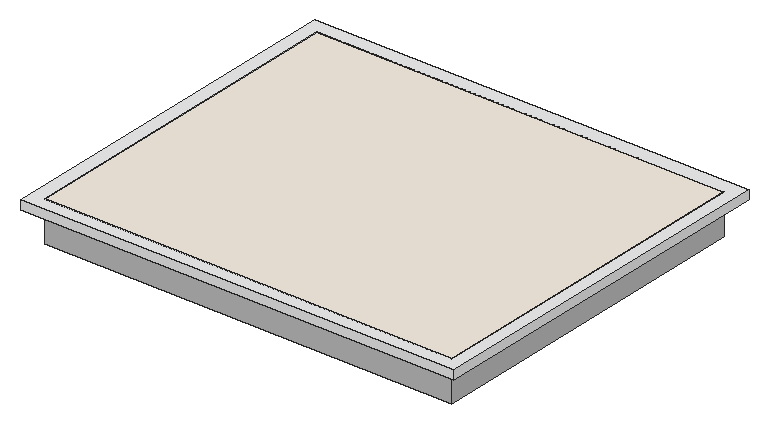
Revit family "Lighting-Industriale-GEWISS-ELIA-HL-LED_RIFLETTORE", category Apparecchi per illuminazione, host Superficie, Revit 2019 (continued)
Types (12, lengths in mm): name | Tensione | Scheda Tecnica | Potenza di sistema | Peso (kg): | Peso (kg) | Ottica | built-in parameter 1150142 | Lumen output (lm) | Modello | IDT | File diagramma fotometrico | Description
  GWF1001QL840 - ELIA HL L2 90° 4000K S.ALONE DALI | "220-240 V " | "https://www.gewiss.com/it/it/search?q=GWF1001QL840" | "200W" | "4,3" | "4,3" | "90°" | "IESNA:LM-63-1995\r\n[TEST] HB25-120-4080-90D-H00108\r\n[DATE] 27 Nov 2019\r\n[MANUFAC] GEWISS\r\n[LUMCAT] GWF1001QL840\r\n[LUMINAIRE] ELIA HL - L2 90° LED840 200W - DALI\r\n[FLASHAREA] 0.013851\r\n[LAMPCAT] LED 200W/26900lm\r\n[LAMP] LED 200W/26900lm\r\nTILT=NONE\r\n1 26900.00 1.0 181 37 1 2 -0.270 0.000 0.000\r\n1.00 1.00 200.00\r\n0.00 0.50 1.00 1.50 2.00 2.50 3.00 3.50 4.00 4.50 5.00 \r\n5.50 6.00 6.50 7.00 7.50 8.00 8.50 9.00 9.50 10.00 10.50 \r\n11.00 11.50 12.00 12.50 13.00 13.50 14.00 14.50 15.00 \r\n15.50 16.00 16.50 17.00 17.50 18.00 18.50 19.00 19.50 \r\n20.00 20.50 21.00 21.50 22.00 22.50 23.00 23.50 24.00 \r\n24.50 25.00 25.50 26.00 26.50 27.00 27.50 28.00 28.50 \r\n29.00 29.50 30.00 30.50 31.00 31.50 32.00 32.50 33.00 \r\n33.50 34.00 34.50 35.00 35.50 36.00 36.50 37.00 37.50 \r\n38.00 38.50 39.00 39.50 40.00 40.50 41.00 41.50 42.00 \r\n42.50 43.00 43.50 44.00 44.50 45.00 45.50 46.00 46.50 \r\n47.00 47.50 48.00 48.50 49.00 49.50 50.00 50.50 51.00 \r\n51.50 52.00 52.50 53.00 53.50 54.00 54.50 55.00 55.50 \r\n56.00 56.50 57.00 57.50 58.00 58.50 59.00 59.50 60.00 \r\n60.50 61.00 61.50 62.00 62.50 63.00 63.50 64.00 64.50 \r\n65.00 65.50 66.00 66.50 67.00 67.50 68.00 68.50 69.00 \r\n69.50 70.00 70.50 71.00 71.50 72.00 72.50 73.00 73.50 \r\n74.00 74.50 75.00 75.50 76.00 76.50 77.00 77.50 78.00 \r\n78.50 79.00 79.50 80.00 80.50 81.00 81.50 82.00 82.50 \r\n83.00 83.50 84.00 84.50 85.00 85.50 86.00 86.50 87.00 \r\n87.50 88.00 88.50 89.00 89.50 90.00 \r\n0.00 2.50 5.00 7.50 10.00 12.50 15.00 17.50 20.00 22.50 \r\n25.00 27.50 30.00 32.50 35.00 37.50 40.00 42.50 45.00 \r\n47.50 50.00 52.50 55.00 57.50 60.00 62.50 65.00 67.50 \r\n70.00 72.50 75.00 77.50 80.00 82.50 85.00 87.50 90.00 \r\n13471.52 13471.52 13474.21 13479.59 13482.28 13487.66 \r\n13495.73 13501.11 13509.18 13519.94 13533.39 13544.15 \r\n13557.60 13571.05 13584.50 13597.95 13611.40 13627.54 \r\n13643.68 13659.82 13675.96 13689.41 13705.55 13719.00 \r\n13735.14 13745.90 13759.35 13770.11 13780.87 13786.25 \r\n13794.32 13797.01 13797.01 13797.01 13794.32 13788.94 \r\n13778.18 13764.73 13748.59 13732.45 13710.93 13686.72 \r\n13657.13 13624.85 13587.19 13546.84 13503.80 13458.07 \r\n13406.96 13350.47 13291.29 13226.73 13156.79 13081.47 \r\n13000.77 12912.00 12815.16 12710.25 12594.58 12465.46 \r\n12330.96 12183.01 12029.68 11862.90 11693.43 11521.27 \r\n11341.04 11147.36 10934.85 10706.20 10456.03 10178.96 \r\n9891.13 9622.13 9353.13 9081.44 8812.44 8562.27 8317.48 \r\n8078.07 7838.66 7593.87 7351.77 7128.50 6915.99 6708.86 \r\n6507.11 6318.81 6133.20 5942.21 5751.22 5570.99 5396.14 \r\n5229.36 5065.27 4906.56 4753.23 4599.90 4449.26 4306.69 \r\n4169.50 4029.62 3895.12 3766.00 3642.26 3521.21 3402.85 \r\n3287.18 3168.82 3047.77 2926.72 2805.67 2688.65 2573.25 \r\n2462.16 2358.86 2259.33 2160.07 2065.92 1982.80 1906.13 \r\n1832.43 1762.76 1698.73 1636.60 1573.38 1510.17 1447.49 \r\n1385.08 1322.40 1260.26 1199.74 1141.37 1086.49 1035.11 \r\n987.50 942.04 896.31 852.46 812.92 776.87 745.13 713.93 \r\n677.34 640.49 606.33 573.51 541.23 509.49 478.28 448.42 \r\n420.72 395.16 372.56 352.39 335.17 318.23 297.25 275.99 \r\n256.41 237.15 217.46 198.25 180.55 163.61 146.87 130.68 \r\n115.19 100.42 86.51 73.49 61.60 50.60 40.32 30.93 22.37 \r\n15.16 9.93 6.46 4.74 4.78 \r\n13471.52 13471.52 13474.21 13478.24 13482.28 13487.66 \r\n13495.73 13501.11 13509.18 13519.94 13533.39 13544.15 \r\n13557.60 13571.05 13584.50 13597.95 13612.74 13628.88 \r\n13645.02 13659.82 13675.96 13690.75 13706.89 13720.34 \r\n13735.14 13747.24 13760.69 13771.45 13780.87 13788.94 \r\n13794.32 13797.01 13799.70 13798.35 13795.66 13788.94 \r\n13780.87 13768.76 13752.62 13733.79 13712.27 13688.06 \r\n13658.47 13626.19 13589.88 13549.53 13506.49 13460.76 \r\n13409.65 13354.50 13295.32 13229.42 13159.48 13084.16 \r\n13002.11 12913.34 12817.85 12711.59 12597.27 12470.84 \r\n12334.99 12189.73 12035.06 11870.97 11700.15 11527.99 \r\n11345.07 11150.05 10938.88 10708.89 10461.41 10185.68 \r\n9901.89 9631.54 9363.89 9090.85 8821.85 8566.30 8318.82 \r\n8078.07 7840.00 7595.21 7357.15 7135.22 6924.06 6716.93 \r\n6516.52 6324.19 6133.20 5942.21 5752.56 5573.68 5400.17 \r\n5230.70 5067.96 4909.25 4755.92 4601.24 4453.30 4309.38 \r\n4169.50 4030.96 3897.81 3768.69 3643.60 3523.90 3405.54 \r\n3287.18 3171.51 3050.46 2928.06 2811.05 2692.69 2578.23 \r\n2467.40 2363.70 2264.44 2165.85 2072.64 1989.52 1912.59 \r\n1838.88 1769.48 1705.06 1642.65 1579.57 1516.62 1453.81 \r\n1391.13 1328.99 1267.66 1206.73 1148.09 1093.22 1041.70 \r\n993.55 947.42 901.02 856.76 816.55 779.70 747.28 715.27 \r\n678.82 641.97 607.81 574.85 542.57 510.97 479.76 449.77 \r\n421.93 396.37 374.04 353.87 336.38 318.90 297.92 276.53 \r\n256.41 236.80 217.00 197.84 180.12 163.22 146.62 130.59 \r\n115.27 100.63 86.71 73.68 61.72 50.68 40.40 31.02 22.43 \r\n15.20 9.96 6.48 4.76 4.79 \r\n13471.52 13471.52 13474.21 13478.24 13482.28 13487.66 \r\n13494.38 13501.11 13510.52 13519.94 13533.39 13544.15 \r\n13557.60 13569.70 13583.15 13599.29 13612.74 13628.88 \r\n13645.02 13661.16 13675.96 13692.10 13706.89 13721.69 \r\n13736.48 13748.59 13762.04 13772.80 13782.21 13790.28 \r\n13795.66 13798.35 13801.04 13799.70 13797.01 13791.63 \r\n13782.21 13771.45 13755.31 13736.48 13716.31 13690.75 \r\n13661.16 13628.88 13592.57 13552.22 13509.18 13463.45 \r\n13413.68 13357.19 13296.67 13232.11 13163.51 13086.85 \r\n13006.15 12918.72 12820.54 12715.63 12601.30 12476.22 \r\n12340.37 12196.46 12041.78 11877.69 11706.88 11533.37 \r\n11350.45 11152.74 10941.57 10714.27 10469.48 10195.10 \r\n9912.65 9643.65 9377.34 9101.61 8831.27 8571.68 8320.17 \r\n8076.72 7838.66 7595.21 7358.49 7140.60 6929.44 6722.31 \r\n6521.90 6326.88 6134.55 5942.21 5753.91 5576.37 5402.86 \r\n5233.40 5067.96 4910.60 4757.26 4602.59 4453.30 4309.38 \r\n4169.50 4033.65 3900.50 3770.03 3644.95 3523.90 3406.88 \r\n3289.87 3171.51 3051.80 2932.10 2813.74 2698.07 2583.07 \r\n2472.51 2368.81 2269.55 2171.64 2079.10 1996.11 1918.91 \r\n1845.47 1776.07 1711.24 1648.57 1585.89 1523.08 1459.86 \r\n1397.05 1335.32 1274.39 1213.59 1154.68 1099.81 1047.89 \r\n999.47 952.80 905.86 860.93 820.18 782.52 749.16 716.62 \r\n680.17 643.72 609.28 576.20 543.92 512.44 480.97 450.98 \r\n423.14 397.58 375.12 355.08 337.19 319.30 298.32 276.67 \r\n256.22 236.24 216.38 197.27 179.60 162.73 146.27 130.40 \r\n115.23 100.73 86.81 73.73 61.75 50.68 40.42 31.06 22.46 \r\n15.23 9.98 6.49 4.76 4.78 \r\n13471.52 13471.52 13474.21 13478.24 13483.62 13489.00 \r\n13494.38 13502.45 13510.52 13521.28 13532.04 13544.15 \r\n13557.60 13571.05 13584.50 13599.29 13612.74 13628.88 \r\n13645.02 13661.16 13677.30 13692.10 13708.24 13721.69 \r\n13737.83 13751.28 13763.38 13774.14 13782.21 13790.28 \r\n13797.01 13799.70 13802.39 13801.04 13799.70 13794.32 \r\n13784.90 13771.45 13758.00 13740.52 13719.00 13693.44 \r\n13665.20 13632.92 13596.60 13556.25 13514.56 13467.48 \r\n13416.37 13361.23 13302.05 13236.14 13167.55 13090.88 \r\n13008.84 12921.41 12825.92 12719.66 12605.34 12481.60 \r\n12347.10 12204.53 12049.85 11887.11 11714.95 11540.10 \r\n11355.83 11158.12 10946.95 10720.99 10476.20 10204.51 \r\n9926.10 9657.10 9389.44 9112.37 8839.34 8577.06 8322.86 \r\n8078.07 7837.31 7596.56 7361.18 7143.29 6933.47 6727.69 \r\n6525.94 6328.22 6133.20 5940.86 5755.25 5579.06 5406.90 \r\n5236.09 5070.65 4911.94 4758.61 4605.28 4453.30 4310.72 \r\n4170.85 4033.65 3901.85 3772.72 3647.64 3526.59 3405.54 \r\n3288.52 3171.51 3051.80 2933.44 2815.09 2700.76 2587.51 \r\n2477.62 2374.06 2274.39 2177.15 2085.15 2002.17 1924.96 \r\n1851.66 1782.39 1717.16 1654.22 1591.54 1529.00 1465.51 \r\n1402.57 1341.37 1280.71 1220.05 1161.00 1106.13 1054.21 \r\n1005.12 957.77 910.43 864.83 823.27 784.94 750.78 717.56 \r\n681.38 645.20 610.76 577.27 544.99 513.52 482.32 452.19 \r\n424.21 398.66 376.20 356.02 337.73 319.44 298.32 276.67 \r\n255.85 235.54 215.66 196.60 178.95 162.17 145.84 130.14 \r\n115.12 100.71 86.82 73.73 61.72 50.64 40.38 31.03 22.46 \r\n15.23 9.98 6.49 4.75 4.76 \r\n13471.52 13472.86 13474.21 13478.24 13483.62 13489.00 \r\n13494.38 13502.45 13510.52 13521.28 13532.04 13544.15 \r\n13557.60 13571.05 13584.50 13599.29 13612.74 13628.88 \r\n13645.02 13661.16 13677.30 13692.10 13708.24 13724.38 \r\n13737.83 13752.62 13763.38 13774.14 13784.90 13791.63 \r\n13797.01 13802.39 13803.73 13802.39 13801.04 13795.66 \r\n13786.25 13775.49 13760.69 13743.21 13721.69 13696.13 \r\n13667.89 13634.26 13599.29 13560.29 13518.59 13471.52 \r\n13420.41 13365.26 13306.08 13241.52 13171.58 13096.26 \r\n13015.56 12926.79 12831.30 12725.04 12612.06 12488.32 \r\n12355.17 12212.60 12059.27 11895.18 11724.36 11548.17 \r\n11362.56 11164.84 10952.33 10726.37 10485.62 10216.62 \r\n9939.55 9670.55 9401.55 9124.48 8850.10 8583.79 8325.55 \r\n8078.07 7837.31 7596.56 7362.53 7145.98 6934.82 6730.38 \r\n6528.63 6328.22 6131.85 5942.21 5756.60 5581.75 5409.59 \r\n5238.77 5071.99 4913.28 4758.61 4605.28 4454.64 4309.38 \r\n4169.50 4033.65 3901.85 3774.07 3648.99 3526.59 3406.88 \r\n3289.87 3171.51 3051.80 2933.44 2817.77 2704.79 2591.68 \r\n2482.60 2378.77 2278.97 2181.99 2090.67 2007.68 1930.48 \r\n1857.18 1788.04 1722.41 1659.06 1596.51 1534.11 1470.62 \r\n1407.54 1346.34 1286.22 1225.56 1166.79 1111.78 1059.59 \r\n1010.23 962.35 914.47 868.60 826.23 786.96 751.85 718.10 \r\n682.45 646.81 611.98 578.22 545.94 514.60 483.26 453.00 \r\n425.02 399.46 377.14 356.83 338.13 319.30 298.05 276.40 \r\n255.32 234.74 214.82 195.83 178.25 161.57 145.38 129.83 \r\n114.93 100.65 86.77 73.65 61.64 50.56 40.31 30.98 22.43 \r\n15.23 9.98 6.48 4.74 4.74 \r\n13471.52 13472.86 13474.21 13478.24 13482.28 13487.66 \r\n13494.38 13502.45 13510.52 13521.28 13532.04 13544.15 \r\n13557.60 13571.05 13585.84 13599.29 13614.09 13628.88 \r\n13645.02 13661.16 13677.30 13693.44 13708.24 13724.38 \r\n13739.17 13752.62 13766.07 13776.83 13784.90 13794.32 \r\n13799.70 13803.73 13805.08 13805.08 13802.39 13797.01 \r\n13790.28 13778.18 13763.38 13745.90 13724.38 13698.82 \r\n13670.58 13639.64 13603.33 13564.32 13521.28 13475.55 \r\n13424.44 13370.64 13311.46 13246.90 13176.96 13101.64 \r\n13020.94 12932.17 12835.33 12731.77 12617.44 12495.05 \r\n12361.89 12220.67 12068.68 11905.94 11735.12 11557.58 \r\n11370.63 11172.91 10961.75 10737.13 10496.38 10228.72 \r\n9953.00 9684.00 9413.65 9136.58 8860.86 8591.86 8329.58 \r\n8079.41 7835.97 7596.56 7365.22 7147.33 6936.16 6730.38 \r\n6528.63 6326.88 6130.51 5940.86 5757.94 5583.10 5413.63 \r\n5241.46 5073.34 4914.63 4758.61 4606.63 4454.64 4309.38 \r\n4169.50 4033.65 3903.19 3775.41 3650.33 3527.93 3406.88 \r\n3288.52 3172.86 3051.80 2933.44 2819.12 2706.14 2595.45 \r\n2487.17 2382.94 2282.87 2186.30 2095.24 2012.25 1934.92 \r\n1861.75 1792.75 1726.85 1663.23 1600.55 1538.28 1474.66 \r\n1411.58 1350.65 1290.66 1230.27 1171.63 1116.62 1064.30 \r\n1014.40 966.11 917.83 871.56 828.52 788.57 752.53 718.36 \r\n682.99 647.75 612.78 578.75 546.47 515.27 483.80 453.80 \r\n425.69 400.14 377.81 357.23 338.00 318.90 297.65 275.99 \r\n254.66 233.86 213.95 195.05 177.55 160.94 144.90 129.50 \r\n114.73 100.51 86.67 73.56 61.53 50.46 40.22 30.91 22.38 \r\n15.21 9.97 6.47 4.72 4.71 \r\n13471.52 13472.86 13474.21 13478.24 13482.28 13487.66 \r\n13494.38 13502.45 13511.87 13521.28 13532.04 13545.49 \r\n13557.60 13571.05 13585.84 13599.29 13614.09 13630.23 \r\n13646.37 13661.16 13677.30 13693.44 13709.58 13725.72 \r\n13740.52 13753.97 13766.07 13776.83 13787.59 13795.66 \r\n13801.04 13805.08 13806.42 13806.42 13805.08 13799.70 \r\n13791.63 13780.87 13766.07 13748.59 13727.07 13702.86 \r\n13674.61 13642.33 13607.36 13568.36 13525.32 13479.59 \r\n13429.82 13376.02 13315.50 13252.28 13182.34 13107.02 \r\n13026.32 12937.55 12842.06 12738.49 12625.51 12501.77 \r\n12369.96 12228.74 12078.10 11918.04 11748.57 11569.69 \r\n11381.39 11183.67 10971.16 10747.89 10507.14 10243.52 \r\n9970.48 9698.79 9428.45 9150.03 8871.62 8601.27 8337.65 \r\n8082.10 7835.97 7597.90 7367.91 7150.02 6937.51 6731.72 \r\n6528.63 6326.88 6127.82 5940.86 5759.29 5585.78 5416.31 \r\n5244.15 5073.34 4914.63 4759.95 4605.28 4454.64 4308.03 \r\n4168.15 4035.00 3904.53 3776.76 3651.67 3527.93 3406.88 \r\n3288.52 3171.51 3053.15 2934.79 2820.46 2707.49 2598.41 \r\n2491.07 2386.70 2286.10 2189.66 2098.74 2015.62 1938.14 \r\n1865.38 1796.25 1730.07 1666.05 1603.37 1541.10 1477.48 \r\n1414.27 1353.61 1293.89 1233.77 1175.26 1120.25 1067.80 \r\n1017.49 968.80 920.25 873.58 829.87 789.25 752.53 717.96 \r\n682.99 648.42 613.19 578.62 546.61 515.40 484.20 454.07 \r\n426.23 400.41 377.94 357.23 337.73 318.09 296.98 275.32 \r\n253.88 232.95 213.09 194.27 176.84 160.34 144.41 129.15 \r\n114.47 100.36 86.55 73.44 61.44 50.36 40.13 30.83 22.33 \r\n15.19 9.96 6.46 4.70 4.69 \r\n13471.52 13472.86 13474.21 13478.24 13482.28 13487.66 \r\n13494.38 13502.45 13511.87 13522.63 13533.39 13544.15 \r\n13557.60 13569.70 13584.50 13599.29 13614.09 13628.88 \r\n13645.02 13661.16 13677.30 13693.44 13708.24 13724.38 \r\n13740.52 13753.97 13766.07 13776.83 13787.59 13795.66 \r\n13801.04 13805.08 13807.77 13807.77 13805.08 13801.04 \r\n13792.97 13782.21 13768.76 13751.28 13731.10 13705.55 \r\n13677.30 13646.37 13611.40 13572.39 13530.70 13483.62 \r\n13433.86 13380.06 13322.22 13257.66 13187.72 13113.75 \r\n13031.70 12944.28 12848.78 12745.22 12633.58 12511.19 \r\n12380.72 12240.84 12090.20 11930.15 11760.68 11583.14 \r\n11396.18 11197.12 10987.30 10764.03 10524.62 10259.66 \r\n9985.28 9714.93 9440.55 9162.14 8885.07 8616.07 8349.76 \r\n8092.86 7842.69 7603.28 7371.94 7151.36 6937.51 6730.38 \r\n6525.94 6324.19 6125.13 5939.52 5760.64 5587.13 5416.31 \r\n5244.15 5076.03 4915.97 4761.30 4607.97 4457.33 4312.07 \r\n4170.85 4037.69 3907.22 3779.45 3654.36 3530.63 3409.57 \r\n3291.21 3174.20 3054.49 2934.79 2821.81 2710.17 2600.56 \r\n2493.23 2388.32 2287.04 2190.33 2099.14 2015.48 1937.47 \r\n1864.44 1795.17 1728.59 1664.44 1601.76 1539.62 1476.00 \r\n1412.92 1351.99 1292.28 1232.29 1174.05 1118.91 1065.91 \r\n1015.74 967.19 918.90 872.23 828.39 787.36 750.51 715.67 \r\n681.11 646.81 611.57 576.87 544.86 514.06 483.12 453.40 \r\n425.56 399.73 377.14 356.16 336.52 316.75 295.63 274.11 \r\n252.94 232.28 212.54 193.79 176.37 159.89 144.09 128.96 \r\n114.39 100.32 86.59 73.53 61.56 50.46 40.19 30.83 22.33 \r\n15.19 9.95 6.45 4.70 4.68 \r\n13471.52 13471.52 13474.21 13478.24 13482.28 13487.66 \r\n13494.38 13502.45 13511.87 13521.28 13532.04 13544.15 \r\n13556.25 13571.05 13583.15 13597.95 13614.09 13628.88 \r\n13645.02 13659.82 13675.96 13692.10 13708.24 13724.38 \r\n13737.83 13752.62 13764.73 13775.49 13786.25 13795.66 \r\n13801.04 13805.08 13807.77 13807.77 13805.08 13801.04 \r\n13794.32 13783.56 13771.45 13753.97 13732.45 13709.58 \r\n13681.34 13649.06 13614.09 13576.43 13534.73 13489.00 \r\n13439.24 13386.78 13326.26 13263.04 13194.45 13119.13 \r\n13038.43 12951.00 12855.51 12753.29 12641.65 12520.60 \r\n12391.48 12251.60 12102.31 11943.60 11775.47 11599.28 \r\n11412.32 11214.61 11004.79 10781.52 10542.11 10277.14 \r\n10002.76 9729.73 9455.35 9176.93 8899.86 8630.86 8365.90 \r\n8104.97 7852.11 7608.66 7375.98 7152.71 6938.85 6729.03 \r\n6524.59 6320.15 6123.78 5936.83 5759.29 5585.78 5417.66 \r\n5245.50 5077.38 4915.97 4761.30 4607.97 4460.02 4314.76 \r\n4174.88 4039.03 3908.57 3782.14 3658.40 3534.66 3412.26 \r\n3292.56 3176.89 3055.84 2936.14 2823.15 2711.52 2601.90 \r\n2494.57 2389.12 2287.04 2189.93 2098.47 2014.14 1935.45 \r\n1862.15 1792.62 1726.04 1661.61 1598.94 1536.80 1473.31 \r\n1410.23 1349.17 1289.32 1229.73 1171.63 1116.08 1062.95 \r\n1012.78 964.37 916.62 870.22 825.96 784.54 747.69 712.98 \r\n678.82 644.79 609.42 574.72 543.11 512.44 481.78 452.19 \r\n424.62 398.93 375.93 354.81 334.90 315.13 294.02 272.77 \r\n251.95 231.64 212.04 193.36 175.95 159.49 143.81 128.78 \r\n114.28 100.28 86.60 73.64 61.68 50.59 40.24 30.83 22.32 \r\n15.18 9.95 6.45 4.69 4.67 \r\n13471.52 13471.52 13474.21 13478.24 13482.28 13487.66 \r\n13494.38 13502.45 13510.52 13521.28 13530.70 13544.15 \r\n13556.25 13569.70 13583.15 13596.60 13612.74 13628.88 \r\n13645.02 13659.82 13675.96 13692.10 13708.24 13723.03 \r\n13737.83 13751.28 13764.73 13775.49 13786.25 13794.32 \r\n13801.04 13805.08 13807.77 13807.77 13807.77 13803.73 \r\n13795.66 13786.25 13772.80 13755.31 13736.48 13712.27 \r\n13684.03 13653.09 13618.12 13581.81 
